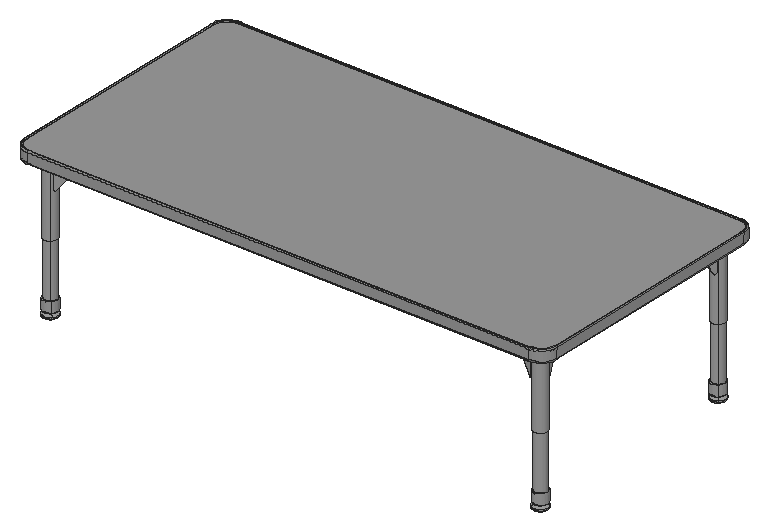
Revit family "Porcelain Steel 60x30 Rectangle Table - Youth Height", category Furniture, Revit 2018
Family settings
  Work Plane-Based = No
  Always vertical = Yes
  Cut with Voids When Loaded = No
  Shared = No
  Room Calculation Point = No
Parameters
  Table Height = 1' - 4"
  Leg Finish = Hierarchy Leg Platinum
  Caster/Glider = Hierarchy Youth Leg - Glide : Hierarchy Youth Leg - Glide
Reference planes (in)
  plane 1 "Center (Front/Back)": y = 0
  plane 2: z = 0
  plane 3 "Center (Left/Right)": x = 0
  plane 4: z = 16
Dimensions and locks (in)
  "Table Height": plane 4 to level
  aligned and locked: plane 2 to level
  aligned and locked: nested 1 to plane 4
Nested families (in)
  nested 1: "Porcelain 6030 Rectangle Tabletop" at (0, 0, 2.69459), type "Porcelain 6030 Rectangle Tabletop"
  nested 2: "Hierarchy Youth Leg - Glide" at (-27.53349, 12.46045, 0) x (0.7071, 0.7071, 0) z (0, 0, 1), type <- "Caster/Glider", Leg Finish <- "Leg Finish", Leg Height <- "Table Height", type "Hierarchy Youth Leg - Glide"
    with Leg Height 1' - 4", Leg Finish Hierarchy Leg Platinum
  nested 3: "Hierarchy Youth Leg - Glide" at (-27.53349, -12.48843, 0) x (-0.7071, 0.7071, 0) z (0, 0, 1), type <- "Caster/Glider", Leg Finish <- "Leg Finish", Leg Height <- "Table Height", type "Hierarchy Youth Leg - Glide"
    with Leg Height 1' - 4", Leg Finish Hierarchy Leg Platinum
  nested 4: "Hierarchy Youth Leg - Glide" at (27.53349, -12.48843, 0) x (-0.7071, -0.7071, 0) z (0, 0, 1), Leg Finish <- "Leg Finish", Leg Height <- "Table Height", type "Hierarchy Youth Leg - Glide"
    with Leg Height 1' - 4", Leg Finish Hierarchy Leg Platinum
  nested 5: "Hierarchy Youth Leg - Glide" at (27.53349, 12.46045, 0) x (0.7071, -0.7071, 0) z (0, 0, 1), Leg Finish <- "Leg Finish", Leg Height <- "Table Height", type "Hierarchy Youth Leg - Glide"
    with Leg Height 1' - 4", Leg Finish Hierarchy Leg Platinum
Definition of nested family "Porcelain 6030 Rectangle Tabletop"
  Parameters (values of type "Porcelain 6030 Rectangle Tabletop")
    Surface = none
    Edgeband = none
  Reference planes (in)
    plane 1 "Center (Front/Back)": y = 0
    plane 2: z = 0
    plane 3 "Center (Left/Right)": x = 0
  Forms (in)
    Extrusion 1, solid
      sketch origin (39.28513, -9.17802, 0) x (1, 0, 0) y (0, 1, 0)
        loop
          arc (-67.45442, 23.84896) -> (-68.55801, 23.39185) -> (-69.01513, 22.28826) r 1.5607
          line (-69.01513, 22.28826) -> (-69.01513, -3.93221)
          arc (-69.01513, -3.93221) -> (-68.55801, -5.0358) -> (-67.45442, -5.49292) r 1.5607
          line (-67.45442, -5.49292) -> (-11.11584, -5.49292)
          arc (-11.11584, -5.49292) -> (-10.01226, -5.0358) -> (-9.55514, -3.93221) r 1.5607
          line (-9.55514, -3.93221) -> (-9.55514, 22.28826)
          arc (-9.55514, 22.28826) -> (-10.01226, 23.39185) -> (-11.11584, 23.84896) r 1.5607
          line (-11.11584, 23.84896) -> (-67.45442, 23.84896)
      from 13.30541 to 14.53375
    Sweep 2, solid
      path origin (39.28513, -9.17802, 0) x (1, 0, 0) y (0, 1, 0)
        loop
          line (-11.11584, 23.91541) -> (-67.45442, 23.91541)
          arc (-67.45442, 23.91541) -> (-68.60499, 23.43883) -> (-69.08158, 22.28826) r 1.62715
          line (-69.08158, 22.28826) -> (-69.08158, -3.93221)
          arc (-69.08158, -3.93221) -> (-68.60499, -5.08278) -> (-67.45442, -5.55937) r 1.62715
          line (-67.45442, -5.55937) -> (-11.11584, -5.55937)
          arc (-11.11584, -5.55937) -> (-9.96527, -5.08278) -> (-9.48869, -3.93221) r 1.62715
          line (-9.48869, -3.93221) -> (-9.48869, 22.28826)
          arc (-9.48869, 22.28826) -> (-9.96527, 23.43883) -> (-11.11584, 23.91541) r 1.62715
      profile origin (0, 14.73739, 0) x (0, -1, 0) y (0, 0, 1)
        loop
          line (0, 13.34147) -> (0, 14.50949) -> (0.10571, 14.50949) -> (0.10571, 14.54167)
          arc (0.10571, 14.54167) -> (0.07218, 14.56143) -> (0.03507, 14.57312) r 0.1716
          line (0.03507, 14.57312) -> (-0.03244, 14.57312)
          arc (-0.03244, 14.57312) -> (-0.10136, 14.54458) -> (-0.12991, 14.47566) r 0.09746
          line (-0.12991, 14.47566) -> (-0.12991, 13.3753)
          arc (-0.12991, 13.3753) -> (-0.10137, 13.30639) -> (-0.03246, 13.27785) r 0.09745
          line (-0.03246, 13.27785) -> (0.02521, 13.27783)
          arc (0.02521, 13.27783) -> (0.04767, 13.28412) -> (0.06645, 13.29795) r 0.06478
          line (0.06645, 13.29795) -> (0.06645, 13.34147) -> (0, 13.34147)
  Dimensions and locks (in)
    aligned and locked: plane 2 to level
Definition of nested family "Hierarchy Youth Leg - Glide"
  Parameters (values of type "Hierarchy Youth Leg - Glide")
    Leg Finish [instance] = none
    Leg Height [instance] = 1' - 4.80117"
  Reference planes (in)
    plane 1 "Center (Front/Back)": y = 0
    plane 2: z = 0
    plane 3 "Center (Left/Right)": x = 0
  Forms (in)
    Extrusion 1, solid
      sketch origin (-0.01562, 0, 0) x (1, 0, 0) y (0, 1, 0)
        loop
          circle (0.01563, 0) r 0.67016
      from 0.67618 to 10.55018
    Revolve 2, solid
      sketch origin (0, 0, 0) x (1, 0, 0) y (0, 0, 1)
        loop
          line (-0.73189, 1.80118) -> (-0.79439, 1.73867) -> (-0.79439, 0.61381) -> (-0.73176, 0.55118) -> (-0.125, 0.55118) -> (-0.125, 0.42618) -> (-0.84656, 0.16241) -> (-0.84656, 0.08994) -> (-0.81359, 0) -> (0, 0) -> (0, 1.80118) -> (-0.73189, 1.80118)
        axis (0, 1.80118) -> (0, 0)
      angle from 0 to 360
  Dimensions and locks (in)
    "Leg Height": nested 1 to level  (x2)
    aligned and locked: plane 2 to level
  Automatic sketch dimensions
    plane 1 "Center (Front/Back)" to Extrusion 1 sketch curve = 0' - 0"
    Extrusion 1 sketch curve to plane 3 "Center (Left/Right)" = 0' - 0"
    Revolve 2 sketch curve to level = 0' - 0"
    Revolve 2 sketch curve to plane 3 "Center (Left/Right)" = 0' - 0"  (x2)
    Revolve 2 sketch curve to plane 3 "Center (Left/Right)" = 0' - 0 1/8"
    Revolve 2 sketch curve to Revolve 2 sketch curve = 0' - 0.60676"
    Revolve 2 sketch curve to Revolve 2 sketch curve = 0' - 0.73189"
    Revolve 2 sketch curve to Revolve 2 sketch curve = 0' - 0.06263"  (x2)
    Revolve 2 sketch curve to Revolve 2 sketch curve = 0' - 0.08183"
    Revolve 2 sketch curve to Revolve 2 sketch curve = 0' - 0.03297"
    level to Revolve 2 sketch curve = 0' - 0.08994"
    Revolve 2 sketch curve to Revolve 2 sketch curve = 0' - 0.07247"
    level to Revolve 2 sketch curve = 0' - 0.42618"
    Revolve 2 sketch curve to Revolve 2 sketch curve = 0' - 0 1/8"
    Revolve 2 sketch curve to Revolve 2 sketch curve = 0' - 1.12486"
    Revolve 2 sketch curve to Revolve 2 sketch curve = 0' - 0 1/16"
    Revolve 2 sketch curve to level = 2' - 0"
    Revolve 2 sketch curve to Revolve 2 sketch curve = 8' - 4.91764"
    radius of Extrusion 1 sketch curve = 0' - 0.67016"
  Nested families (in)
    nested 1: "Hierarchy Youth Upper Leg 2023" at (0, 0, 0), Leg Finish <- "Leg Finish", type "Hierarchy Youth Upper Leg 2023"
      with Leg Finish none
  Definition of nested family "Hierarchy Youth Upper Leg 2023"
    Parameters (values of type "Hierarchy Youth Upper Leg 2023")
      Leg Finish [instance] = none
    Reference planes (in)
      plane 1 "Center (Front/Back)": y = 0
      plane 2: z = 0
      plane 3 "Center (Left/Right)": x = 0
    Forms (in)
      Extrusion 1, solid, material <- "Leg Finish"
        sketch origin (0, 0, -11.001) x (1, 0, 0) y (0, 1, 0)
          loop
            circle (0, 0) r 0.75
        from 19.67618 to 27.67618
      Extrusion 2, solid, material <- "Leg Finish"
        sketch origin (0, 0, -11.001) x (1, 0, 0) y (0, 1, 0)
          loop
            line (-1.70174, 0.19183) -> (-2.88626, -2.26116)
            arc (-2.88626, -2.26116) -> (-2.83993, -3.09822) -> (-2.1063, -3.50394) r 0.86614
            line (-2.1063, -3.50394) -> (2.1063, -3.50394)
            arc (2.1063, -3.50394) -> (2.83993, -3.09822) -> (2.88626, -2.26116) r 0.86614
            line (2.88626, -2.26116) -> (1.70174, 0.19183)
            arc (1.70174, 0.19183) -> (0, 1.25984) -> (-1.70174, 0.19183) r 1.88976
        from 27.67618 to 27.80217
      Extrusion 3, solid, material <- "Leg Finish"
        sketch origin (-1.48519, 8.66524, -11.001) x (-0.434844, 0.900506, 0) y (0, 0, 1)
          loop
            line (-9.01425, 27.67618) -> (-11.80952, 27.67618)
            arc (-11.80952, 27.67618) -> (-11.92325, 27.58993) -> (-11.87088, 27.45715) r 0.11811
            arc (-11.87088, 27.45715) -> (-10.39364, 26.29679) -> (-9.23328, 24.81955) r 7.87402
            arc (-9.23328, 24.81955) -> (-9.1005, 24.76717) -> (-9.01425, 24.88091) r 0.11811
            line (-9.01425, 24.88091) -> (-9.01425, 27.67618)
        from -1.94075 to -1.81476
      Extrusion 4, solid, material <- "Leg Finish"
        sketch origin (1.48519, 8.66524, -11.001) x (0.434844, 0.900506, 0) y (0, 0, -1)
          loop
            line (-9.01425, -27.67618) -> (-9.01425, -24.88091)
            arc (-9.01425, -24.88091) -> (-9.1005, -24.76717) -> (-9.23328, -24.81955) r 0.11811
            arc (-9.23328, -24.81955) -> (-10.39364, -26.29679) -> (-11.87088, -27.45715) r 7.87402
            arc (-11.87088, -27.45715) -> (-11.92325, -27.58993) -> (-11.80952, -27.67618) r 0.11811
            line (-11.80952, -27.67618) -> (-9.01425, -27.67618)
        from -1.94075 to -1.81476
    Dimensions and locks (in)
      aligned and locked: plane 2 to level
